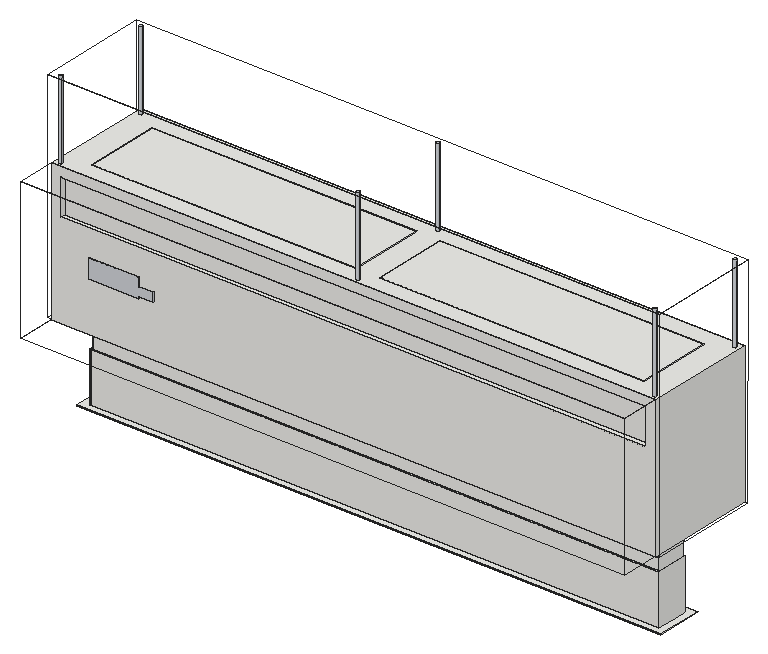
Revit family "AIRTECNICS_AIR CURTAIN_INVISAIR_AIR ONLY (A)", category Mechanical Equipment, Revit 2016
Family settings
  Part Type = Normal
  Round Connector Dimension = Use Diameter
  OmniClass Number = 23.75.70.21.17
  OmniClass Title = Air Curtains
  Work Plane-Based = No
  Always vertical = Yes
  Cut with Voids When Loaded = No
  Shared = No
  Room Calculation Point = No
Parameters (values of type "IECG 1500 A")
  · POSITION · [instance] = "-/ Select Curtain Position /-"  # constant formula
  · OTHERS · [instance] = "-/ Select Supports - Inst.Maint. Space /-"  # constant formula
  · KITS CONFIGURATION · [instance] = "-/ Configure Length Kit /-"  # constant formula
  · HEATING · [instance] = "-/ Select Heating /-"  # constant formula
  Weight [instance] = size_lookup(Name_Lookup_Data, "Weight", 1.00 kg, CT, CM)  # 60.00 kg
  WAn [instance] = if(Vertical Left, 180.00°, if(Vertical Right, 0.00°, 90.00°))  # 90.00°
  Voltage [instance] = 230 V  # constant formula
  Vertical Right [instance] = no
  Vertical Left [instance] = no
  URL_Manufacturer = "https://www.airtecnics.com/"
  URL_Datasheet = "https://www.airtecnics.com/download/file/1936/invisair.pdf"
  Supports Length [instance] = 200.0 mm
  Supports (Horizontal) [instance] = yes
  Special Installation [instance] = no
  Revit Version = "Revit 2016 - English"  # constant formula
  Review Date = "11/2018"  # constant formula
  Remote Control = "IR-AIR"  # constant formula
  URL = "https://www.airtecnics.com/products/air-curtain-invisair"
  Product Size = if(L = 1500.0 mm, "1500", if(L = 2000.0 mm, "2000", "2500"))  # "1500"
  Product Reference [instance] = size_lookup(Name_Lookup_Ref, "", "Consult Manufacturer", CT, CM)  # "IECG 1500 A"
  Product Heating [instance] = "Air"  # constant formula
  Product Description [instance] = size_lookup(Name_Lookup_Data, "", "Consult Manufacturer", CT, CM)  # "Specially designed for applications where the body of the air curtain is to be installed inside a column or bulkhead for architectural reasons. It can be vertically or horizontally mounted.\r\nSelf-supporting casing construction made of galvanized steel plate, finished in structural epoxy-polyester painting white colour RAL9016 as standard. Other colours or stainless steel are available on request. \r\nThe air flow of Invisair follows a straight line from the air inlet grille to the to the discharge. Inlet area inside a bulkhead or column should be designed with suitable grille provided by others.\r\nAnodized aluminium outlet vanes, airfoil shaped, adjustable from 0 to 15º each side.\r\nDouble-inlet centrifugal fans driven by an external rotor motor and low noise level. 5-speed selector. EC models assembled with very low consumption efficiency fans. \r\n“A” type without heating, air only. \r\nIncludes Plug&Play control with 7m RJ45 cable and infrared remote control. Optional: Clever control (programmable, automatic, intelligent, energy saving, Modbus RTU for BMS…)\r\nAir Volume: 3600 m3/h \r\nFans:  0,284 kW  2,48 A 230Vx1 50/60Hz\r\nDimensions: 285x570/620x1550 mm (depth, height, length), including telescopic outlet for easy installation."
  Power Fans Factor [instance] = if(or(CM = 2, CM = 8), 0.98, 0.5)  # 0.5
  Power Fans [instance] = size_lookup(Name_Lookup_Data, "Power Fans", 1 kW, CT, CM)  # 0.284 kW
  Outlet Kit Length [instance] = 210.0 mm
  Noise Level (dB(A)) [instance] = size_lookup(Name_Lookup_Data, "Noise Level (dB(A))", 1, CT, CM)  # 62
  Name_Lookup_Ref = "INVISAIR_(A)_Ref_Lookup"  # constant formula
  Name_Lookup_Data = "INVISAIR_(A)_Data_Lookup"  # constant formula
  Model = "Air Curtain Invisair A"  # constant formula
  Material Grille = AIRTECNICS_Perforated_Invisair_White RAL 9016
  Material Curtain [instance] = AIRTECNICS_White RAL 9016
  M = no
  Li1 [instance] = if(Horizontal, 0.0 mm, if(L = 1500.0 mm, L / 2 + 65.0 mm, L / 2 + 67.5 mm))  # 0.0 mm
  Length = if(L > 1500.0 mm, L + 55.0 mm, L + 50.0 mm)  # 1550.0 mm
  Kits Range [instance] = "Min 210 mm / Max. 260 mm"  # constant formula
  Height [instance] = 570.0 mm + Outlet Kit Length - 210.0 mm + Depth - Depth  # 570.0 mm
  G = yes
  Frequency = 50 Hz  # constant formula
  Fans Stage = 5  # constant formula
  Family Version = "1.0"  # constant formula
  EC = yes
  Depth = 285.0 mm  # constant formula
  Current Fans [instance] = size_lookup(Name_Lookup_Data, "Current Fans", 1 A, CT, CM)  # 2.48 A
  Created by = "BIMETRICAL"  # constant formula
  Control [instance] = "CA-5AW-IR"  # constant formula
  Cable = "CB7"  # constant formula
  CT [instance] = if(L = 1500.0 mm, 4, 0) + if(L = 2000.0 mm, 8, 0) + if(L = 2500.0 mm, 16, 0)  # 4
  CM [instance] = if(M, 2, 0) + if(EC, 4, 0) + if(G, 8, 0)  # 12
  Aspiration/Maintenance Space [instance] = yes
  Apparent Load [instance] = size_lookup(Name_Lookup_Data, "Apparent Load", 1 VA, CT, CM)  # 568 VA
  Airflow [instance] = size_lookup(Name_Lookup_Data, "Airflow", 1 m³/h, CT, CM)  # 3600 m³/h
  L = 1500.0 mm
  Type Image = <None>
  IfcExportType = "CENTRIFUGALFORWARDCURVED"  # constant formula
  IfcExportAs = "IfcCoilType"  # constant formula
  Horizontal [instance] = if(or(Vertical Left, Vertical Right), 1 = 0, 1 = 1)  # yes
  Manufacturer = "AIRTECNICS"  # constant formula
  Description = ""
  Type Comments = "Specially designed for applications where the body of the air curtain is to be installed inside a column or bulkhead for architectural reasons. It can be vertically or horizontally mounted.\r\nSelf-supporting casing construction made of galvanized steel plate, finished in structural epoxy-polyester painting white colour RAL9016 as standard. Other colours or stainless steel are available on request.\r\nThe air flow of Invisair follows a straight line from the air inlet grille to the to the discharge. Inlet area inside a bulkhead or column should be designed with suitable grille provided by others.\r\nAnodized aluminium outlet vanes, airfoil shaped, adjustable from 0 to 15º each side.\r\nDouble-inlet centrifugal fans driven by an external rotor motor and low noise level. 5-speed selector. EC models assembled with very low consumption efficiency fans.\r\n“P” type with water heated coil. “E” type with electrical shielded elements, three stages with integrated regulation. “A” type without heating, air only. Optional expansion DX coil.\r\nIncludes Plug&Play control with 7m RJ45 cable and infrared remote control. Optional: Clever control (programmable, automatic, intelligent, energy saving, Modbus RTU for BMS…)"  # constant formula
  BIMETRICAL Category = "Coil"  # constant formula
  BIMETRICAL = "http://www.bimetrical.com"  # constant formula
  A [instance] = 1 = 1  # yes
Types (9, lengths in mm): name | Weight | Product Size | Product Reference | Product Description | Power Fans Factor | Power Fans | Noise Level (dB(A)) | M | Length | G | EC | Current Fans | CT | CM | Apparent Load | Airflow | L
  IECG 2500 A | 83.00 kg | "2500" | "IECG 2500 A" | "Specially designed for applications where the body of the air curtain is to be installed inside a column or bulkhead for architectural reasons. It can be vertically or horizontally mounted.\r\nSelf-supporting casing construction made of galvanized steel plate, finished in structural epoxy-polyester painting white colour RAL9016 as standard. Other colours or stainless steel are available on request. \r\nThe air flow of Invisair follows a straight line from the air inlet grille to the to the discharge. Inlet area inside a bulkhead or column should be designed with suitable grille provided by others.\r\nAnodized aluminium outlet vanes, airfoil shaped, adjustable from 0 to 15º each side.\r\nDouble-inlet centrifugal fans driven by an external rotor motor and low noise level. 5-speed selector. EC models assembled with very low consumption efficiency fans. \r\n“A” type without heating, air only. \r\nIncludes Plug&Play control with 7m RJ45 cable and infrared remote control. Optional: Clever control (programmable, automatic, intelligent, energy saving, Modbus RTU for BMS…)\r\nAir Volume: 6300 m3/h \r\nFans:  0,497 kW  4,34 A 230Vx1 50/60Hz\r\nDimensions: 285x570/620x2555 mm (depth, height, length), including telescopic outlet for easy installation." | 0.5 | 0.497 kW | 64 | no | 2555.0 | yes | yes | 4.34 A | 16 | 12 | 994 VA | 6300 m³/h | 2500.0
  IECG 2000 A | 78.00 kg | "2000" | "IECG 2000 A" | "Specially designed for applications where the body of the air curtain is to be installed inside a column or bulkhead for architectural reasons. It can be vertically or horizontally mounted.\r\nSelf-supporting casing construction made of galvanized steel plate, finished in structural epoxy-polyester painting white colour RAL9016 as standard. Other colours or stainless steel are available on request. \r\nThe air flow of Invisair follows a straight line from the air inlet grille to the to the discharge. Inlet area inside a bulkhead or column should be designed with suitable grille provided by others.\r\nAnodized aluminium outlet vanes, airfoil shaped, adjustable from 0 to 15º each side.\r\nDouble-inlet centrifugal fans driven by an external rotor motor and low noise level. 5-speed selector. EC models assembled with very low consumption efficiency fans. \r\n“A” type without heating, air only. \r\nIncludes Plug&Play control with 7m RJ45 cable and infrared remote control. Optional: Clever control (programmable, automatic, intelligent, energy saving, Modbus RTU for BMS…)\r\nAir Volume: 5400 m3/h \r\nFans:  0,426 kW  3,72 A 230Vx1 50/60Hz\r\nDimensions: 285x570/620x2055 mm (depth, height, length), including telescopic outlet for easy installation." | 0.5 | 0.426 kW | 63 | no | 2055.0 | yes | yes | 3.72 A | 8 | 12 | 852 VA | 5400 m³/h | 2000.0
  IECG 1500 A | 60.00 kg | "1500" | "IECG 1500 A" | "Specially designed for applications where the body of the air curtain is to be installed inside a column or bulkhead for architectural reasons. It can be vertically or horizontally mounted.\r\nSelf-supporting casing construction made of galvanized steel plate, finished in structural epoxy-polyester painting white colour RAL9016 as standard. Other colours or stainless steel are available on request. \r\nThe air flow of Invisair follows a straight line from the air inlet grille to the to the discharge. Inlet area inside a bulkhead or column should be designed with suitable grille provided by others.\r\nAnodized aluminium outlet vanes, airfoil shaped, adjustable from 0 to 15º each side.\r\nDouble-inlet centrifugal fans driven by an external rotor motor and low noise level. 5-speed selector. EC models assembled with very low consumption efficiency fans. \r\n“A” type without heating, air only. \r\nIncludes Plug&Play control with 7m RJ45 cable and infrared remote control. Optional: Clever control (programmable, automatic, intelligent, energy saving, Modbus RTU for BMS…)\r\nAir Volume: 3600 m3/h \r\nFans:  0,284 kW  2,48 A 230Vx1 50/60Hz\r\nDimensions: 285x570/620x1550 mm (depth, height, length), including telescopic outlet for easy installation." | 0.5 | 0.284 kW | 62 | no | 1550.0 | yes | yes | 2.48 A | 4 | 12 | 568 VA | 3600 m³/h | 1500.0
  IG 2500 A | 83.00 kg | "2500" | "IG 2500 A" | "Specially designed for applications where the body of the air curtain is to be installed inside a column or bulkhead for architectural reasons. It can be vertically or horizontally mounted.\r\nSelf-supporting casing construction made of galvanized steel plate, finished in structural epoxy-polyester painting white colour RAL9016 as standard. Other colours or stainless steel are available on request. \r\nThe air flow of Invisair follows a straight line from the air inlet grille to the to the discharge. Inlet area inside a bulkhead or column should be designed with suitable grille provided by others.\r\nAnodized aluminium outlet vanes, airfoil shaped, adjustable from 0 to 15º each side.\r\nDouble-inlet centrifugal fans driven by an external rotor motor and low noise level. 5-speed selector. \r\n“A” type without heating, air only. \r\nIncludes Plug&Play control with 7m RJ45 cable and infrared remote control. Optional: Clever control (programmable, automatic, intelligent, energy saving, Modbus RTU for BMS…)\r\nAir Volume: 5600 m3/h \r\nFans:  1,498 kW  6,65 A 230Vx1 50Hz\r\nDimensions: 285x570/620x2555 mm (depth, height, length), including telescopic outlet for easy installation." | 0.98 | 1.498 kW | 60 | no | 2555.0 | yes | no | 6.65 A | 16 | 8 | 1529 VA | 5600 m³/h | 2500.0
  IG 2000 A | 78.00 kg | "2000" | "IG 2000 A" | "Specially designed for applications where the body of the air curtain is to be installed inside a column or bulkhead for architectural reasons. It can be vertically or horizontally mounted.\r\nSelf-supporting casing construction made of galvanized steel plate, finished in structural epoxy-polyester painting white colour RAL9016 as standard. Other colours or stainless steel are available on request. \r\nThe air flow of Invisair follows a straight line from the air inlet grille to the to the discharge. Inlet area inside a bulkhead or column should be designed with suitable grille provided by others.\r\nAnodized aluminium outlet vanes, airfoil shaped, adjustable from 0 to 15º each side.\r\nDouble-inlet centrifugal fans driven by an external rotor motor and low noise level. 5-speed selector. \r\n“A” type without heating, air only. \r\nIncludes Plug&Play control with 7m RJ45 cable and infrared remote control. Optional: Clever control (programmable, automatic, intelligent, energy saving, Modbus RTU for BMS…)\r\nAir Volume: 4800 m3/h \r\nFans:  1,284 kW  5,7 A 230Vx1 50Hz\r\nDimensions: 285x570/620x2055 mm (depth, height, length), including telescopic outlet for easy installation." | 0.98 | 1.284 kW | 59 | no | 2055.0 | yes | no | 5.7 A | 8 | 8 | 1310 VA | 4800 m³/h | 2000.0
  IG 1500 A | 60.00 kg | "1500" | "IG 1500 A" | "Specially designed for applications where the body of the air curtain is to be installed inside a column or bulkhead for architectural reasons. It can be vertically or horizontally mounted.\r\nSelf-supporting casing construction made of galvanized steel plate, finished in structural epoxy-polyester painting white colour RAL9016 as standard. Other colours or stainless steel are available on request. \r\nThe air flow of Invisair follows a straight line from the air inlet grille to the to the discharge. Inlet area inside a bulkhead or column should be designed with suitable grille provided by others.\r\nAnodized aluminium outlet vanes, airfoil shaped, adjustable from 0 to 15º each side.\r\nDouble-inlet centrifugal fans driven by an external rotor motor and low noise level. 5-speed selector. \r\n“A” type without heating, air only. \r\nIncludes Plug&Play control with 7m RJ45 cable and infrared remote control. Optional: Clever control (programmable, automatic, intelligent, energy saving, Modbus RTU for BMS…)\r\nAir Volume: 3200 m3/h \r\nFans:  0,856 kW  3,8 A 230Vx1 50Hz\r\nDimensions: 285x570/620x1550 mm (depth, height, length), including telescopic outlet for easy installation." | 0.98 | 0.856 kW | 58 | no | 1550.0 | yes | no | 3.8 A | 4 | 8 | 873 VA | 3200 m³/h | 1500.0
  IM 2500 A | 73.00 kg | "2500" | "IM 2500 A" | "Specially designed for applications where the body of the air curtain is to be installed inside a column or bulkhead for architectural reasons. It can be vertically or horizontally mounted.\r\nSelf-supporting casing construction made of galvanized steel plate, finished in structural epoxy-polyester painting white colour RAL9016 as standard. Other colours or stainless steel are available on request. \r\nThe air flow of Invisair follows a straight line from the air inlet grille to the to the discharge. Inlet area inside a bulkhead or column should be designed with suitable grille provided by others.\r\nAnodized aluminium outlet vanes, airfoil shaped, adjustable from 0 to 15º each side.\r\nDouble-inlet centrifugal fans driven by an external rotor motor and low noise level. 5-speed selector. \r\n“A” type without heating, air only. \r\nIncludes Plug&Play control with 7m RJ45 cable and infrared remote control. Optional: Clever control (programmable, automatic, intelligent, energy saving, Modbus RTU for BMS…)\r\nAir Volume: 4620 m3/h \r\nFans:  0,742 kW  3,29 A 230Vx1 50Hz\r\nDimensions: 285x570/620x2555 mm (depth, height, length), including telescopic outlet for easy installation." | 0.98 | 0.742 kW | 58 | yes | 2555.0 | no | no | 3.29 A | 16 | 2 | 757 VA | 4620 m³/h | 2500.0
  IM 2000 A | 68.00 kg | "2000" | "IM 2000 A" | "Specially designed for applications where the body of the air curtain is to be installed inside a column or bulkhead for architectural reasons. It can be vertically or horizontally mounted.\r\nSelf-supporting casing construction made of galvanized steel plate, finished in structural epoxy-polyester painting white colour RAL9016 as standard. Other colours or stainless steel are available on request. \r\nThe air flow of Invisair follows a straight line from the air inlet grille to the to the discharge. Inlet area inside a bulkhead or column should be designed with suitable grille provided by others.\r\nAnodized aluminium outlet vanes, airfoil shaped, adjustable from 0 to 15º each side.\r\nDouble-inlet centrifugal fans driven by an external rotor motor and low noise level. 5-speed selector. \r\n“A” type without heating, air only. \r\nIncludes Plug&Play control with 7m RJ45 cable and infrared remote control. Optional: Clever control (programmable, automatic, intelligent, energy saving, Modbus RTU for BMS…)\r\nAir Volume: 3960 m3/h \r\nFans:  0,636 kW  2,82 A 230Vx1 50Hz\r\nDimensions: 285x570/620x2055 mm (depth, height, length), including telescopic outlet for easy installation." | 0.98 | 0.636 kW | 57 | yes | 2055.0 | no | no | 2.82 A | 8 | 2 | 649 VA | 3960 m³/h | 2000.0
  IM 1500 A | 55.00 kg | "1500" | "IM 1500 A" | "Specially designed for applications where the body of the air curtain is to be installed inside a column or bulkhead for architectural reasons. It can be vertically or horizontally mounted.\r\nSelf-supporting casing construction made of galvanized steel plate, finished in structural epoxy-polyester painting white colour RAL9016 as standard. Other colours or stainless steel are available on request. \r\nThe air flow of Invisair follows a straight line from the air inlet grille to the to the discharge. Inlet area inside a bulkhead or column should be designed with suitable grille provided by others.\r\nAnodized aluminium outlet vanes, airfoil shaped, adjustable from 0 to 15º each side.\r\nDouble-inlet centrifugal fans driven by an external rotor motor and low noise level. 5-speed selector. \r\n“A” type without heating, air only. \r\nIncludes Plug&Play control with 7m RJ45 cable and infrared remote control. Optional: Clever control (programmable, automatic, intelligent, energy saving, Modbus RTU for BMS…)\r\nAir Volume: 2640 m3/h \r\nFans:  0,424 kW  1,88 A 230Vx1 50Hz\r\nDimensions: 285x570/620x1550 mm (depth, height, length), including telescopic outlet for easy installation." | 0.98 | 0.424 kW | 56 | yes | 1550.0 | no | no | 1.88 A | 4 | 2 | 432 VA | 2640 m³/h | 1500.0
Reference planes
  plane 1 "Centro (Frontal/Posterior)": z = 0
  plane 2: y = 246.57
  plane 3 "Centro (Izquierda/Derecha)": x = 0
  plane 4 "Susp": z = 0
Lines and regions (mm)
  reference lines
    curve 1: line (0, 246.57, 0) -> (0, 246.57, -145)
Dimensions and locks
  "Li1": plane 4 "Susp" to plane 1 "Centro (Frontal/Posterior)"
  nested 1 to nested 1 = 570.0 mm
  nested 1 to nested 1 = 1550.0 mm
  "WAn": angle plane 4 "Susp" to curve 1
  aligned and locked: plane 3 "Centro (Izquierda/Derecha)" to curve 1
  aligned and locked: plane 4 "Susp" to curve 1
Nested families
  nested 1: "GEOM_INVISAIR_(A-E-P)" at (0, 246.57, 0), Outlet Kit Lenght <- "Outlet Kit Length", Horizontal <- "Horizontal", Vertical Left <- "Vertical Left", Vertical Right <- "Vertical Right", SPCI <- "Special Installation", Supports (Horizontal) <- "Supports (Horizontal)", type "GEOM_INVISAIR_(A-E-P)"
    with Vertical Right no, Vertical Left no, VSUP yes, VPE no, VPD no, Supports (Horizontal) yes, STNI yes, SPCI no, P4 no, P3 no, P2 yes, P1 no, Outlet Kit Lenght 210.0 mm, OKL 210.0 mm, L5 0.0 mm, L4 15.0 mm, L3 10.0 mm, L2 10.0 mm, L1 176.22 mm, Horizontal yes, C_P 2, C_L 2, CH_4 235.0 mm, CH_3 37.0 mm, CH_2 139.0 mm, CH_1 275.86 mm, CC_4 50.0 mm, CC_3 221.89 mm, CC_2 106.0 mm, CC_1 313.83 mm, AH 90.00°, AC 90.00°, L* 1550.0 mm, L 1500.0 mm, Aspiration/Maintenance Space yes
Connectors
  electrical at (-572.625, 103.07, 148.65), driven by "Voltage", driven by "Apparent Load", driven by "Power Fans Factor"
    settings: on nested 1, index 1, voltage 230 V, apparent load 568 VA, apparent load phase1 0 VA, apparent load phase2 0 VA, apparent load phase3 0 VA, power factor 0.5, load classification "HVAC", number of poles 1, system type 30, power factor state 1, is connector primary yes, connector utility no, sub classification motor no, connector description ""
Definition of nested family "GEOM_INVISAIR_(A-E-P)"
  Parameters (values of type "GEOM_INVISAIR_(A-E-P)")
    Vertical Right [instance] = no
    Vertical Left [instance] = no
    VSUP [instance] = if(and(Horizontal, [Supports (Horizontal)]), 1 = 1, 1 = 0)  # yes
    VPE [instance] = Vertical Left  # no
    VPD [instance] = Vertical Right  # no
    Supports Length = 200.0 mm
    Supports (Horizontal) [instance] = yes
    STNI [instance] = not(SPCI)  # yes
    SPCI [instance] = no
    Revit Version = "Revit 2016 - English"  # constant formula
    Review Date = "11/2018"  # constant formula
    P4 [instance] = no
    P3 [instance] = no
    P2 [instance] = not(or(P1, P3, P4))  # yes
    P1 [instance] = no
    P = no
    Outlet Kit Lenght [instance] = 250.0 mm
    OKL [instance] = if(Outlet Kit Lenght > 260.0 mm, 260.0 mm, if(Outlet Kit Lenght < 210.0 mm, 210.0 mm, Outlet Kit Lenght))  # 250.0 mm
    Name_CH = "CH_Dimensions_Lookup"  # constant formula
    Name_CC = "CC_Dimensions_Lookup"  # constant formula
    Model = "INVISAIR"  # constant formula
    Material Grille = none
    Material Curtain = none
    L* = if(L < 2000.0 mm, L + 50.0 mm, L + 55.0 mm)  # 2555.0 mm
    Manufacturer = "AIRTECNICS"  # constant formula
    L_sup = if(Supports Length = 0.0 mm, 1.0 mm, Supports Length)  # 200.0 mm
    L6 = 0.0 mm  # constant formula
    L5 [instance] = 15.0 mm
    L4 [instance] = if(or(and(P4, Vertical Right), and(P1, Vertical Left)), 55.0 mm, 15.0 mm)  # 15.0 mm
    L3 [instance] = if(and(P, P4), 100.0 mm, 10.0 mm)  # 10.0 mm
    L2 [instance] = if(and(P, P1), 100.0 mm, 10.0 mm)  # 10.0 mm
    L1 [instance] = if(STNI, 176.22 mm, 108.78 mm)  # 176.22 mm
    L = 2500.0 mm
    Horizontal [instance] = yes
    Family Version = "1.0"  # constant formula
    Default Elevation = 1219.2 mm
    D_P = 20.00 mm
    Created by = "BIMETRICAL"  # constant formula
    C_P [instance] = if(P1, 1, 0) + if(P2, 2, 0) + if(P3, 4, 0) + if(P4, 8, 0)  # 2
    C_L [instance] = if(L = 1500.0 mm, 2, 0) + if(L = 2000.0 mm, 4, 0) + if(L = 2500.0 mm, 8, 0)  # 8
    CH_4 [instance] = size_lookup(Name_CH, "CH_4", 235.0 mm, C_L, C_P)  # 235.0 mm
    CH_3 [instance] = size_lookup(Name_CH, "CH_3", 37.0 mm, C_L, C_P)  # 37.0 mm
    CH_2 [instance] = size_lookup(Name_CH, "CH_2", 139.0 mm, C_L, C_P)  # 139.0 mm
    CH_1 [instance] = size_lookup(Name_CH, "CH_1", 275.86 mm, C_L, C_P)  # 275.86 mm
    CC_4 [instance] = size_lookup(Name_CC, "CC_4", 50.0 mm, C_L, C_P)  # 50.0 mm
    CC_3 [instance] = size_lookup(Name_CC, "CC_3", 221.89 mm, C_L, C_P)  # 221.89 mm
    CC_2 [instance] = size_lookup(Name_CC, "CC_2", 106.0 mm, C_L, C_P)  # 106.0 mm
    CC_1 [instance] = size_lookup(Name_CC, "CC_1", 313.86 mm, C_L, C_P)  # 313.83 mm
    BIMETRICAL = "http://www.bimetrical.com/"  # constant formula
    Aspiration/Maintenance Space = no
    AH [instance] = size_lookup(Name_CH, "AH", 90.00°, C_L, C_P)  # 90.00°
    AC [instance] = size_lookup(Name_CC, "AC", 90.00°, C_L, C_P)  # 90.00°
  Reference planes
    plane 1 "Centro (Frontal/Posterior)": y = 0
    plane 2: z = 0
    plane 3 "Centro (Izquierda/Derecha)": x = 0
    plane 4: y = 142.5
    plane 5: y = -142.5
    plane 6: x = -1277.5
    plane 7: x = 1277.5
    plane 8: z = 360
    plane 9: x = -1253.5
    plane 10: x = 1253.5
    plane 11: z = 337
    plane 12: x = -1210.5
    plane 13: x = 1210.5
    plane 14: x = 30
    plane 15: x = -30
    plane 16: y = -96.75
    plane 17: y = 96.75
    plane 18: z = 313.83
    plane 19: z = 275.86
    plane 20: x = -1171.5
    plane 21: x = -1138.5
    plane 22: y = 92.5
    plane 23: y = -92.5
    plane 24: x = -1265
    plane 25: x = 1265
    plane 26: y = 128.5
    plane 27: y = -128.5
  Forms (mm)
    Extrusion 1, solid, material <- "Material Curtain"
      sketch origin (-1376.546, -1524, 270) x (-1, 0, 0) y (0, -1, 0)
        loop
          line (-99.046, -1666.5) -> (-99.046, -1381.5) -> (-2654.046, -1381.5) -> (-2654.046, -1666.5) -> (-99.046, -1666.5)
      from -270 to 90
    Extrusion 2, void
      sketch origin (-1776.211, -142.5, 1200) x (1, 0, 0) y (0, 0, -1)
        loop
          line (522.711, 863) -> (3029.711, 863) -> (3029.711, 956) -> (522.711, 956) -> (522.711, 863)
      from 13 to 0
    Extrusion 3, void
      sketch origin (-1504.338, -1524, 360) x (-1, 0, 0) y (0, -1, 0)
        loop
          line (-293.838, -1620.75) -> (-293.838, -1427.25) -> (-1474.338, -1427.25) -> (-1474.338, -1620.75) -> (-293.838, -1620.75)
        loop
          line (-1534.338, -1620.75) -> (-1534.338, -1427.25) -> (-2714.838, -1427.25) -> (-2714.838, -1620.75) -> (-1534.338, -1620.75)
      from 0 to -13
    Extrusion 4, solid, material <- "Material Grille"
      sketch origin (-1504.338, -1524, 360) x (-1, 0, 0) y (0, -1, 0)
        loop
          line (-293.838, -1620.75) -> (-293.838, -1427.25) -> (-1474.338, -1427.25) -> (-1474.338, -1620.75) -> (-293.838, -1620.75)
        loop
          line (-1534.338, -1620.75) -> (-1534.338, -1427.25) -> (-2714.838, -1427.25) -> (-2714.838, -1620.75) -> (-1534.338, -1620.75)
      from 0 to -2
    Extrusion 5, solid
      sketch origin (-1776.211, -142.5, 1200) x (-1, 0, 0) y (0, 0, -1)
        loop
          line (-723.624, 1071.5) -> (-723.798, 1067.5) -> (-760.711, 1067.5) -> (-760.711, 1044.2) -> (-723.711, 1044.2) -> (-723.711, 1022.2) -> (-596.211, 1022.2) -> (-596.211, 1071.5) -> (-723.624, 1071.5)
      from 0 to 1
    Extrusion 6, solid, visible <- "P"
      sketch origin (-1171.5, -129.39, 313.83) x (0, 0, 1) y (-1, 0, 0)
        loop
          circle (0.059, 0) r 10
      from 0 to 15 <- "L4"
    Extrusion 7, solid, visible <- "P"
      sketch origin (-1138.5, -129.5, 276.858) x (0, 0, 1) y (-1, 0, 0)
        loop
          circle (-0.998, 0) r 10
      from 0 to 15 <- "L4"
    Extrusion 8, solid, visible <- "Aspiration/Maintenance Space"
      sketch origin (-1776.211, -142.5, 1200) x (-1, 0, 0) y (0, 0, -1)
        loop
          line (-498.711, 1200) -> (-498.711, 840) -> (-3053.711, 840) -> (-3053.711, 1200) -> (-3063.711, 1200) -> (-3063.711, 640) -> (-488.711, 640) -> (-488.711, 1200) -> (-498.711, 1200)
      from 0 to -285
    Extrusion 9, solid, visible <- "Aspiration/Maintenance Space"
      sketch origin (-1776.211, -142.5, 1200) x (-1, 0, 0) y (0, 0, -1)
        loop
          line (-498.711, 840) -> (-498.711, 1200) -> (-3053.711, 1200) -> (-3053.711, 840) -> (-498.711, 840)
      from 0 to 100
    Extrusion 10, solid, visible <- "VSUP"
      sketch origin (-1504.338, -1524, 360) x (-1, 0, 0) y (0, -1, 0)
        loop
          circle (-239.338, -1652.5) r 4
        loop
          circle (-239.338, -1395.5) r 4
        loop
          circle (-1504.338, -1395.5) r 4
        loop
          circle (-1504.338, -1652.5) r 4
        loop
          circle (-2769.338, -1652.5) r 4
        loop
          circle (-2769.338, -1395.5) r 4
      from -1 to 200
    Extrusion 11, solid, visible <- "VPE"
      sketch origin (-1277.5, 218.751, 1200) x (0, 1, 0) y (0, 0, 1)
        loop
          line (-91.751, -858.5) -> (-345.751, -858.5) -> (-345.751, -1181.5) -> (-91.751, -1181.5) -> (-91.751, -858.5)
      from 0 to -40
    Extrusion 12, solid, visible <- "VPD"
      sketch origin (1277.5, 236.157, 1200) x (0, 1, 0) y (0, 0, -1)
        loop
          line (-109.157, 858.5) -> (-109.157, 1181.5) -> (-363.157, 1181.5) -> (-363.157, 858.5) -> (-109.157, 858.5)
      from 0 to -40
  Cuts and joins
    Extrusion 2, Extrusion 3 cuts Extrusion 1
  Lines and regions (mm)
    reference lines
      curve 1: line (-1171.5, 92.5, 313.83) -> (-1171.5, -129.39, 313.83)
      curve 2: line (-1138.5, -92.5, 275.86) -> (-1138.5, -129.5, 275.86)
    symbolic lines
      curve 3: line (-1277.5, 142.5, 275.86) -> (1277.5, 142.5, 275.86)
      curve 4: line (-1277.5, -142.5, 275.86) -> (-1277.5, 142.5, 275.86)
      curve 5: line (1277.5, -142.5, 275.86) -> (-1277.5, -142.5, 275.86)
      curve 6: line (1277.5, 142.5, 275.86) -> (1277.5, -142.5, 275.86)
      curve 7: line (-1223.5, -15.69, 275.86) -> (1223.5, -15.69, 275.86)
      curve 8: line (-1223.5, -23.386, 275.86) -> (-1223.5, -15.69, 275.86)
      curve 9: line (1223.5, -23.386, 275.86) -> (-1223.5, -23.386, 275.86)
      curve 10: line (1223.5, -15.69, 275.86) -> (1223.5, -23.386, 275.86)
      curve 11: line (1223.5, -44.054, 275.86) -> (-1223.5, -44.054, 275.86)
      curve 12: line (1223.5, -51.746, 275.86) -> (1223.5, -44.054, 275.86)
      curve 13: line (-1223.5, -51.746, 275.86) -> (1223.5, -51.746, 275.86)
      curve 14: line (-1223.5, -44.054, 275.86) -> (-1223.5, -51.746, 275.86)
    symbolic lines, visible <- "Aspiration/Maintenance Space"
      curve 15: line (-1277.5, 142.5, 275.86) -> (-1287.5, 142.5, 275.86)
      curve 16: line (-1287.5, 142.5, 275.86) -> (-1287.5, -142.5, 275.86)
      curve 17: line (-1287.5, -142.5, 275.86) -> (-1277.5, -142.5, 275.86)
      curve 18: line (1277.5, 142.5, 275.86) -> (1287.5, 142.5, 275.86)
      curve 19: line (1287.5, 142.5, 275.86) -> (1287.5, -142.5, 275.86)
      curve 20: line (1287.5, -142.5, 275.86) -> (1277.5, -142.5, 275.86)
      curve 21: line (-1277.5, -142.5, 275.86) -> (-1277.5, -242.5, 275.86)
      curve 22: line (-1277.5, -242.5, 275.86) -> (1277.5, -242.5, 275.86)
      curve 23: line (1277.5, -242.5, 275.86) -> (1277.5, -142.5, 275.86)
      curve 24: line (-1277.5, -142.5, 0) -> (-1287.5, -142.5, 0)
      curve 25: line (-1287.5, -142.5, 0) -> (-1287.5, -142.5, 560)
      curve 26: line (-1287.5, -142.5, 560) -> (1287.5, -142.5, 560)
      curve 27: line (1287.5, -142.5, 560) -> (1287.5, -142.5, 0)
      curve 28: line (1287.5, -142.5, 0) -> (1277.5, -142.5, 0)
      curve 29: line (-1277.5, 142.5, 360) -> (-1277.5, 142.5, 560)
      curve 30: line (-1277.5, 142.5, 560) -> (-1277.5, -142.5, 560)
      curve 31: line (-1277.5, -142.5, 560) -> (-1277.5, -142.5, 360)
      curve 32: line (-1277.5, -142.5, 360) -> (-1277.5, -242.5, 360)
      curve 33: line (-1277.5, -242.5, 360) -> (-1277.5, -242.5, 0)
      curve 34: line (-1277.5, -242.5, 0) -> (-1277.5, -142.5, 0)
  Dimensions and locks
    equal spacing: plane 5, plane 1 "Centro (Frontal/Posterior)", plane 4
    locked: plane 5 to plane 4 at 285
    equal spacing: plane 6, plane 3 "Centro (Izquierda/Derecha)", plane 7
    "L*": plane 6 to plane 7
    locked: plane 8 to plane 2 at 360
    locked: plane 9 to plane 6 at 24
    locked: plane 10 to plane 7 at 24
    locked: plane 8 to plane 11 at 23
    locked: plane 6 to plane 12 at 67
    locked: plane 13 to plane 7 at 67
    plane 3 "Centro (Izquierda/Derecha)" to plane 14 = 30.0 mm
    plane 3 "Centro (Izquierda/Derecha)" to plane 15 = 30.0 mm
    locked: plane 16 to plane 5 at 45.75
    locked: plane 17 to plane 4 at 45.75
    locked: plane 11 to Extrusion 2 sketch curve at 93
    "CC_1": plane 18 to level
    "CH_1": plane 19 to level
    "CC_2": plane 20 to plane 6
    "CH_2": plane 21 to plane 6
    "CC_4": plane 4 to plane 22
    "CH_4": plane 4 to plane 23
    "CC_3": curve 1 to curve 1
    "CH_3": curve 2 to curve 2
    locked: level to nested 1 at 0
    "L1": plane 4 to nested 1
    "L2": plane 6 to Extrusion 8 sketch curve
    "L3": plane 7 to Extrusion 8 sketch curve
    locked: plane 6 to plane 24 at 12.5
    locked: plane 25 to plane 7 at 12.5
    locked: plane 4 to plane 26 at 14
    locked: plane 5 to plane 27 at 14
    "Supports Length": Extrusion 10 to plane 8
    locked: Extrusion 11 sketch curve to Extrusion 11 sketch curve at 323
    locked: Extrusion 11 sketch curve to Extrusion 11 sketch curve at 254
    locked: plane 8 to Extrusion 11 sketch curve at 18.5
    locked: Extrusion 12 sketch curve to Extrusion 12 sketch curve at 323
    locked: Extrusion 12 sketch curve to Extrusion 12 sketch curve at 254
    Extrusion 5 sketch curve to Extrusion 5 sketch curve to Extrusion 5 sketch curve to plane 6 = 37.0 mm locked, 127.5 mm locked, 97.5 mm locked
    "D_P": diameter of Extrusion 6 sketch curve
    "D_P": diameter of Extrusion 7 sketch curve
    "AC": angle curve 1 to plane 22
    "AH": angle curve 2 to plane 23
    aligned and locked: level to plane 2
    aligned and locked: Extrusion 1 sketch curve to plane 4
    aligned and locked: plane 6 to Extrusion 1 sketch curve
    aligned and locked: Extrusion 1 sketch curve to plane 5
    aligned and locked: plane 7 to Extrusion 1 sketch curve
    aligned and locked: Extrusion 1 to level
    aligned and locked: plane 8 to Extrusion 1
    aligned and locked: plane 9 to Extrusion 2 sketch curve
    aligned and locked: plane 10 to Extrusion 2 sketch curve
    aligned and locked: plane 5 to cut or joined group of Extrusion 1, Extrusion 2, Extrusion 3
    aligned and locked: plane 17 to Extrusion 3 sketch curve  (x2)
    aligned and locked: plane 12 to Extrusion 3 sketch curve
    aligned and locked: plane 16 to Extrusion 3 sketch curve  (x2)
    aligned and locked: Extrusion 3 sketch curve to plane 15
    aligned and locked: Extrusion 3 sketch curve to plane 14
    aligned and locked: plane 13 to Extrusion 3 sketch curve
    aligned and locked: plane 12 to Extrusion 4 sketch curve
    aligned and locked: plane 17 to Extrusion 4 sketch curve
    aligned and locked: plane 13 to Extrusion 4 sketch curve
    aligned and locked: Extrusion 4 sketch curve to plane 14
    aligned and locked: Extrusion 4 sketch curve to plane 15
    aligned and locked: plane 22 to curve 1
    aligned and locked: plane 20 to curve 1
    aligned and locked: plane 23 to curve 2
    aligned and locked: plane 21 to curve 2
    aligned and locked: Extrusion 5 to plane 5
    aligned and locked: curve 3 to cut or joined group of Extrusion 1, Extrusion 2, Extrusion 3
    aligned and locked: curve 4 to cut or joined group of Extrusion 1, Extrusion 2, Extrusion 3
    aligned and locked: curve 5 to cut or joined group of Extrusion 1, Extrusion 2, Extrusion 3
    aligned and locked: curve 6 to cut or joined group of Extrusion 1, Extrusion 2, Extrusion 3
    aligned and locked: curve 8 to nested 1
    aligned and locked: curve 9 to nested 1
    aligned and locked: curve 10 to nested 1
    aligned and locked: curve 11 to nested 1
    aligned and locked: curve 12 to nested 1
    aligned and locked: curve 13 to nested 1
    aligned and locked: curve 14 to nested 1
    aligned and locked: Extrusion 9 sketch curve to cut or joined group of Extrusion 1, Extrusion 2, Extrusion 3  (x2)
    aligned and locked: Extrusion 9 sketch curve to nested 1
    aligned and locked: curve 16 to Extrusion 8
    aligned and locked: curve 19 to Extrusion 8
    aligned and locked: curve 22 to Extrusion 9
    aligned and locked: Extrusion 9 to plane 6
    aligned and locked: curve 27 to Extrusion 8
    aligned and locked: curve 25 to Extrusion 8
    aligned and locked: plane 24 to Extrusion 10 sketch curve
    aligned and locked: plane 26 to Extrusion 10 sketch curve  (x3)
    aligned and locked: plane 27 to Extrusion 10 sketch curve  (x3)
    aligned and locked: plane 3 "Centro (Izquierda/Derecha)" to Extrusion 10 sketch curve
  Automatic sketch dimensions
    Extrusion 2 sketch curve to plane 11 = 0.0 mm
    plane 17 to Extrusion 4 sketch curve = 0.0 mm
    Extrusion 4 sketch curve to plane 16 = 0.0 mm  (x2)
    Extrusion 5 sketch curve to Extrusion 5 sketch curve = 0.087 mm
    Extrusion 5 sketch curve to Extrusion 5 sketch curve = 0.175 mm
    Extrusion 5 sketch curve to level = 128.5 mm
    Extrusion 5 sketch curve to Extrusion 5 sketch curve = 4.0 mm
    Extrusion 5 sketch curve to Extrusion 5 sketch curve = 23.3 mm
    Extrusion 5 sketch curve to Extrusion 5 sketch curve = 49.3 mm
    curve 8 to curve 8 = 7.696 mm
    Extrusion 9 sketch curve to level = 0.0 mm
    curve 28 to level = 0.0 mm
    plane 7 to curve 28 = 0.0 mm
    curve 24 to plane 6 = 0.0 mm
    curve 25 to level = 0.0 mm
    curve 26 to plane 8 = 200.0 mm
    Extrusion 10 sketch curve to plane 25 = 0.0 mm  (x2)
    Extrusion 10 sketch curve to plane 3 "Centro (Izquierda/Derecha)" = 0.0 mm
    Extrusion 10 sketch curve to plane 24 = 0.0 mm
    Extrusion 11 sketch curve to plane 5 = 15.5 mm
    plane 5 to Extrusion 12 sketch curve = 15.5 mm
    Extrusion 12 sketch curve to level = 18.5 mm
    curve 32 to plane 8 = 0.0 mm
    curve 31 to plane 5 = 0.0 mm
    curve 34 to plane 5 = 0.0 mm
    curve 29 to plane 4 = 0.0 mm
    curve 29 to plane 8 = 0.0 mm
    curve 33 to curve 31 = 100.0 mm
    plane 8 to curve 30 = 200.0 mm
    level to curve 34 = 0.0 mm
    Extrusion 6 sketch curve to plane 20 = 0.0 mm
    plane 18 to Extrusion 6 sketch curve = 0.059 mm
    Extrusion 7 sketch curve to plane 19 = 0.0 mm
    Extrusion 7 sketch curve to plane 21 = 0.0 mm
    plane 7 to Extrusion 8 sketch curve = 0.0 mm
    Extrusion 8 sketch curve to level = 0.0 mm  (x2)
    Extrusion 8 sketch curve to plane 6 = 0.0 mm
    Extrusion 8 sketch curve to plane 8 = 0.0 mm
    Extrusion 8 sketch curve to plane 8 = 200.0 mm
    radius of Extrusion 10 sketch curve = 4.0 mm  (x6)
  Nested families
    nested 1: "GEOM_INVISAIR_OUTLET KIT" at (0, -280.29, -250), L <- "L", Outlet Kit Length <- "OKL", Material <- "Material Curtain", type "Outlet Kit"
      with Vi3 yes, Vi2 yes, Vi1 no, Outlet Kit Length 250.0 mm, Material none, L-45 2459.0 mm, L-39 2465.0 mm, L-2 2503.0 mm, L-16 2501.0 mm, L* 2555.0 mm, L 2500.0 mm
  Definition of nested family "GEOM_INVISAIR_OUTLET KIT"
    Parameters (values of type "Outlet Kit")
      Vi3 [instance] = yes
      Vi2 [instance] = if(L > 2200.0 mm, 1 = 1, 1 = 0)  # no
      Vi1 [instance] = if(L > 2200.0 mm, 1 = 0, 1 = 1)  # yes
      URL = "https://www.airtecnics.com/products/air-curtain-windbox-m-g"
      Revit Version = "Revit 2016 - English"  # constant formula
      Review Date = "10/18"  # constant formula
      Model = "Outlet Kit"  # constant formula
      Outlet Kit Length [instance] = 210.0 mm
      Material [instance] = none
      L-45 [instance] = [L*] - 96.0 mm  # 1454.0 mm
      L-39 [instance] = [L*] - 90.0 mm  # 1460.0 mm
      L-2 [instance] = [L*] - 52.0 mm  # 1498.0 mm
      L-16 [instance] = [L*] - 54.0 mm  # 1496.0 mm
      Type Image = (empty or 0)
      Manufacturer = "AIRTECNICS"  # constant formula
      Li1 = 1.0 mm
      L* [instance] = if(L < 2000.0 mm, L + 50.0 mm, L + 55.0 mm)  # 1550.0 mm
      L [instance] = 1500.0 mm
      Family Version = "1.0"  # constant formula
      Description = "AIRTECNICS_Air curtain Windbox M,G"  # constant formula
      Type Comments = ""
      Default Elevation = 1219.2 mm
      Created by = "BIMETRICAL"  # constant formula
      BIMETRICAL Category = "Fan"  # constant formula
      BIMETRICAL = "http://www.bimetrical.com/"  # constant formula
    Reference planes
      plane 1 "Centro (Frontal/Posterior)": z = 0
      plane 2: y = 246.57
      plane 3 "Centro (Izquierda/Derecha)": x = 0
      plane 4: x = -775
      plane 5: x = 775
      plane 6: x = -749
      plane 7: x = 749
      plane 8: x = -730
      plane 9: x = 730
      plane 10: x = 727
      plane 11: x = -727
      plane 12: z = 1
      plane 13: y = 205.57
      plane 14: y = 194.57
      plane 15: y = 284.07
      plane 16: y = 298.57
      plane 17: y = 209.07
      plane 18: y = 287.57
      plane 19: z = 209
      plane 20: z = 210
      plane 21: z = 109.617
      plane 22: z = 130
      plane 23: y = 187.07
      plane 24: y = 306.07
      plane 25: x = -748
      plane 26: x = 748
      plane 27: x = -721
      plane 28: x = 721
      plane 29: x = -242.333
      plane 30: x = 242.333
    Forms (mm)
      Extrusion 1, solid, material <- "Material"
        sketch origin (0, -0.907, 0) x (0, 1, 0) y (0, 0, 1)
          loop
            arc (237.142, 59.981) -> (233.296, 64) -> (229.45, 59.981) r 3.85
            line (229.45, 59.981) -> (231.847, 5.386)
            arc (231.847, 5.386) -> (233.296, 4) -> (234.745, 5.386) r 1.45
            line (234.745, 5.386) -> (237.142, 59.981)
          loop
            arc (265.503, 59.981) -> (261.656, 64) -> (257.81, 59.981) r 3.85
            line (257.81, 59.981) -> (260.208, 5.386)
            arc (260.208, 5.386) -> (261.656, 4) -> (263.105, 5.386) r 1.45
            line (263.105, 5.386) -> (265.503, 59.981)
        from -721 to 721
      Extrusion 2, solid, material <- "Material"
        sketch origin (0, 0, 0) x (1, 0, 0) y (0, 1, 0)
          loop
            line (-749, 306.07) -> (-749, 187.07) -> (749, 187.07) -> (749, 306.07) -> (-749, 306.07)
          loop
            line (-730, 205.57) -> (730, 205.57) -> (730, 287.57) -> (-730, 287.57) -> (-730, 205.57)
        from 0 to 1
      Extrusion 3, solid, material <- "Material", visible <- "Vi3"
        sketch origin (0, 0, 0) x (1, 0, 0) y (0, 1, 0)
          loop
            line (-730, 287.57) -> (-730, 205.57) -> (730, 205.57) -> (730, 287.57) -> (-730, 287.57)
          loop
            line (-729, 206.57) -> (729, 206.57) -> (729, 286.57) -> (-729, 286.57) -> (-729, 206.57)
        from 130 to 0
      Extrusion 4, solid, visible <- "Vi1", not visible
        sketch origin (-8, -340.372, 21.524) x (0, 1, 0) y (0, 0, 1)
          loop
            line (332.442, 36.84) -> (332.442, 4.84) -> (364.442, 4.84) -> (364.442, 36.84) -> (332.442, 36.84)
        from -1.5 to 4.5
      Extrusion 5, solid, visible <- "Vi1", not visible
        sketch origin (-4, -340.372, 2.371) x (0, 1, 0) y (0, 0, 1)
          loop
            line (310.942, 75.234) -> (310.942, 5.234) -> (385.942, 5.234) -> (385.942, 75.234) -> (310.942, 75.234)
        from 0.5 to 16.5
      Extrusion 6, solid, visible <- "Vi1", not visible
        sketch origin (-3.189, -340.372, 21.13) x (0, 1, 0) y (0, 0, 1)
          loop
            line (332.442, 37.234) -> (332.442, 5.234) -> (364.442, 5.234) -> (364.442, 37.234) -> (332.442, 37.234)
        from 15.689 to 21.689
      Extrusion 7, solid, visible <- "Vi1"
        sketch origin (-12.5, -101.872, 13.918) x (0, 1, 0) y (0, 0, 1)
          loop
            line (332.442, 36.84) -> (332.442, 4.84) -> (364.442, 4.84) -> (364.442, 36.84) -> (332.442, 36.84)
        from -1.5 to 4.5
      Extrusion 8, solid, visible <- "Vi1"
        sketch origin (-8.5, -101.872, -5.234) x (0, 1, 0) y (0, 0, 1)
          loop
            line (310.942, 75.234) -> (310.942, 5.234) -> (385.942, 5.234) -> (385.942, 75.234) -> (310.942, 75.234)
        from 0.5 to 16.5
      Extrusion 9, solid, visible <- "Vi1"
        sketch origin (-7.689, -101.872, 13.524) x (0, 1, 0) y (0, 0, 1)
          loop
            line (332.442, 37.234) -> (332.442, 5.234) -> (364.442, 5.234) -> (364.442, 37.234) -> (332.442, 37.234)
        from 15.689 to 21.689
      Extrusion 10, solid, visible <- "Vi2"
        sketch origin (-234.042, -101.872, 13.766) x (0, 1, 0) y (0, 0, 1)
          loop
            line (332.442, 36.993) -> (332.442, 4.993) -> (364.442, 4.993) -> (364.442, 36.993) -> (332.442, 36.993)
        from -22.292 to -16.292
      Extrusion 11, solid, visible <- "Vi2"
        sketch origin (-237.395, -101.872, -5.234) x (0, 1, 0) y (0, 0, 1)
          loop
            line (310.942, 75.234) -> (310.942, 5.234) -> (385.942, 5.234) -> (385.942, 75.234) -> (310.942, 75.234)
        from -12.939 to 3.061
      Extrusion 12, solid, visible <- "Vi2"
        sketch origin (-257.072, -101.872, 13.524) x (0, 1, 0) y (0, 0, 1)
          loop
            line (332.442, 37.234) -> (332.442, 5.234) -> (364.442, 5.234) -> (364.442, 37.234) -> (332.442, 37.234)
        from 22.739 to 28.739
      Extrusion 13, solid, visible <- "Vi2", not visible
        sketch origin (-404.625, -340.372, -84.071) x (0, 1, 0) y (0, 0, 1)
          loop
            line (332.442, 36.993) -> (332.442, 4.993) -> (364.442, 4.993) -> (364.442, 36.993) -> (332.442, 36.993)
        from -22.292 to -16.292
      Extrusion 14, solid, visible <- "Vi2", not visible
        sketch origin (-407.978, -340.372, -103.071) x (0, 1, 0) y (0, 0, 1)
          loop
            line (310.942, 75.234) -> (310.942, 5.234) -> (385.942, 5.234) -> (385.942, 75.234) -> (310.942, 75.234)
        from -12.939 to 3.061
      Extrusion 15, solid, visible <- "Vi2", not visible
        sketch origin (-427.656, -340.372, -84.312) x (0, 1, 0) y (0, 0, 1)
          loop
            line (332.442, 37.234) -> (332.442, 5.234) -> (364.442, 5.234) -> (364.442, 37.234) -> (332.442, 37.234)
        from 22.739 to 28.739
      Extrusion 16, solid, visible <- "Vi2"
        sketch origin (250.625, -101.872, 13.766) x (0, 1, 0) y (0, 0, 1)
          loop
            line (332.442, 36.993) -> (332.442, 4.993) -> (364.442, 4.993) -> (364.442, 36.993) -> (332.442, 36.993)
        from -22.292 to -16.292
      Extrusion 17, solid, visible <- "Vi2"
        sketch origin (247.272, -101.872, -5.234) x (0, 1, 0) y (0, 0, 1)
          loop
            line (310.942, 75.234) -> (310.942, 5.234) -> (385.942, 5.234) -> (385.942, 75.234) -> (310.942, 75.234)
        from -12.939 to 3.061
      Extrusion 18, solid, visible <- "Vi2"
        sketch origin (227.594, -101.872, 13.524) x (0, 1, 0) y (0, 0, 1)
          loop
            line (332.442, 37.234) -> (332.442, 5.234) -> (364.442, 5.234) -> (364.442, 37.234) -> (332.442, 37.234)
        from 22.739 to 28.739
      Extrusion 19, solid
        sketch origin (-724, -101.872, 13.766) x (0, 1, 0) y (0, 0, 1)
          loop
            line (332.442, 37.234) -> (332.442, 5.234) -> (364.442, 5.234) -> (364.442, 37.234) -> (332.442, 37.234)
        from -3 to 3
      Extrusion 20, solid, not visible
        sketch origin (-1202.417, -101.872, 27.291) x (0, 1, 0) y (0, 0, 1)
          loop
            line (332.442, 37.234) -> (332.442, 5.234) -> (364.442, 5.234) -> (364.442, 37.234) -> (332.442, 37.234)
        from -3 to 3
      Extrusion 21, solid
        sketch origin (724, -101.872, 13.524) x (0, 1, 0) y (0, 0, 1)
          loop
            line (332.442, 37.234) -> (332.442, 5.234) -> (364.442, 5.234) -> (364.442, 37.234) -> (332.442, 37.234)
        from -3 to 3
      Extrusion 22, solid, material <- "Material"
        sketch origin (0, 0, 0) x (0, 1, 0) y (0, 0, 1)
          loop
            line (336.57, 210) -> (321.57, 210) -> (283.07, 160) -> (283.07, 60) -> (284.07, 60) -> (284.07, 159.66) -> (322.062, 209) -> (336.57, 209) -> (336.57, 210)
          loop
            line (171.077, 209) -> (209.07, 159.66) -> (209.07, 60) -> (210.07, 60) -> (210.07, 160) -> (171.57, 210) -> (156.57, 210) -> (156.57, 209) -> (171.077, 209)
        from -726 to 726.022
      Extrusion 23, solid, material <- "Material"
        sketch origin (0, 0, 0) x (0, 1, 0) y (0, 0, 1)
          loop
            line (171.077, 209) -> (209.07, 159.66) -> (209.07, 60) -> (284.07, 60) -> (284.07, 159.66) -> (322.062, 209) -> (336.57, 209) -> (336.57, 210) -> (156.57, 210) -> (156.57, 209) -> (171.077, 209)
        from -727 to -726
      Extrusion 24, solid, material <- "Material"
        sketch origin (0, 0, 0) x (0, 1, 0) y (0, 0, 1)
          loop
            line (171.077, 209) -> (209.07, 159.66) -> (209.07, 60) -> (284.07, 60) -> (284.07, 159.66) -> (322.062, 209) -> (336.57, 209) -> (336.57, 210) -> (156.57, 210) -> (156.57, 209) -> (171.077, 209)
        from 726.022 to 727
      Extrusion 25, solid, material <- "Material"
        sketch origin (-727, 562.033, 1200) x (0, 1, 0) y (0, 0, 1)
          loop
            line (-225.463, -990) -> (-405.463, -990) -> (-405.463, -991) -> (-225.463, -991) -> (-225.463, -990)
        from 0 to -14.5
      Extrusion 26, solid, material <- "Material"
        sketch origin (727, 566.081, 1200) x (0, 1, 0) y (0, 0, 1)
          loop
            line (-229.511, -990) -> (-409.511, -990) -> (-409.511, -991) -> (-229.511, -991) -> (-229.511, -990)
        from 0 to 14.5
    Cuts and joins
      joined: Extrusion 22, Extrusion 23, Extrusion 24, Extrusion 25, Extrusion 26
    Dimensions and locks
      equal spacing: plane 4, plane 3 "Centro (Izquierda/Derecha)", plane 5
      "L*": plane 4 to plane 5
      equal spacing: plane 6, plane 3 "Centro (Izquierda/Derecha)", plane 7
      "L-2": plane 6 to plane 7
      equal spacing: plane 8, plane 3 "Centro (Izquierda/Derecha)", plane 9
      "L-39": plane 8 to plane 9
      equal spacing: plane 11, plane 3 "Centro (Izquierda/Derecha)", plane 10
      "L-45": plane 11 to plane 10
      plane 21 to plane 20 = 100.383 mm
      plane 1 "Centro (Frontal/Posterior)" to plane 22 = 130.0 mm
      locked: plane 1 "Centro (Frontal/Posterior)" to plane 12 at 1
      locked: plane 19 to plane 20 at 1
      locked: plane 23 to plane 13 at 18.5
      locked: plane 18 to plane 24 at 18.5
      locked: plane 13 to plane 18 at 82
      plane 23 to plane 24 = 119.0 mm
      "Outlet Kit Length": plane 1 "Centro (Frontal/Posterior)" to plane 20
      locked: Extrusion 1 sketch curve to Extrusion 1 sketch curve at 54.7  (x2)
      equal spacing: plane 25, plane 3 "Centro (Izquierda/Derecha)", plane 26
      "L-16": plane 25 to plane 26
      "Li1": Extrusion 3 sketch curve to Extrusion 3 sketch curve  (x4)
      locked: plane 28 to plane 10 at 6
      locked: plane 11 to plane 27 at 6
      equal spacing: plane 11, plane 29, plane 30, plane 10
      locked: Extrusion 4 sketch curve to Extrusion 4 sketch curve at 32  (x2)
      Extrusion 5 sketch curve to Extrusion 5 sketch curve = 70.0 mm
      locked: Extrusion 6 sketch curve to Extrusion 6 sketch curve at 32  (x2)
      locked: Extrusion 7 sketch curve to Extrusion 7 sketch curve at 32  (x2)
      Extrusion 8 sketch curve to Extrusion 8 sketch curve = 70.0 mm
      locked: Extrusion 9 sketch curve to Extrusion 9 sketch curve at 32  (x2)
      locked: Extrusion 10 sketch curve to Extrusion 10 sketch curve at 32  (x2)
      Extrusion 11 sketch curve to Extrusion 11 sketch curve = 70.0 mm
      locked: Extrusion 12 sketch curve to Extrusion 12 sketch curve at 32  (x2)
      locked: Extrusion 11 to plane 29 at 8
      locked: Extrusion 8 to plane 3 "Centro (Izquierda/Derecha)" at 8
      locked: Extrusion 13 sketch curve to Extrusion 13 sketch curve at 32  (x2)
      Extrusion 14 sketch curve to Extrusion 14 sketch curve = 70.0 mm
      locked: Extrusion 15 sketch curve to Extrusion 15 sketch curve at 32  (x2)
      locked: Extrusion 16 sketch curve to Extrusion 16 sketch curve at 32  (x2)
      Extrusion 17 sketch curve to Extrusion 17 sketch curve = 70.0 mm
      locked: Extrusion 18 sketch curve to Extrusion 18 sketch curve at 32  (x2)
      locked: Extrusion 17 to plane 30 at 8
      locked: Extrusion 19 sketch curve to Extrusion 19 sketch curve at 32  (x2)
      locked: Extrusion 20 sketch curve to Extrusion 20 sketch curve at 32  (x2)
      locked: Extrusion 21 sketch curve to Extrusion 21 sketch curve at 32  (x2)
      level to plane 22 = 130.0 mm
      locked: Extrusion 24 to plane 10 at 0.978
      locked: plane 11 to cut or joined group of Extrusion 22, Extrusion 23, Extrusion 24, Extrusion 25, Extrusion 26 at 1
      locked: cut or joined group of Extrusion 22, Extrusion 23, Extrusion 24, Extrusion 25, Extrusion 26 to Extrusion 23 sketch curve at 50.34
      locked: Extrusion 22 sketch curve to plane 20 at 50.34
      locked: Extrusion 24 sketch curve to plane 20 at 50.34
      Extrusion 2 to Extrusion 2 = 1498.0 mm
      cut or joined group of Extrusion 22, Extrusion 23, Extrusion 24, Extrusion 25, Extrusion 26 to cut or joined group of Extrusion 22, Extrusion 23, Extrusion 24, Extrusion 25, Extrusion 26 = 1483.0 mm
      locked: plane 15 to Extrusion 22 sketch curve (angle 37.5963°)
      locked: Extrusion 22 sketch curve to plane 17 (angle 37.5963°)
      locked: plane 15 to Extrusion 23 sketch curve (angle 37.5963°)
      locked: Extrusion 23 sketch curve to plane 17 (angle 37.5963°)
      locked: plane 15 to Extrusion 24 sketch curve (angle 37.5963°)
      locked: Extrusion 24 sketch curve to plane 17 (angle 37.5963°)
      aligned and locked: Extrusion 2 sketch curve to plane 24
      aligned and locked: plane 6 to Extrusion 2 sketch curve
      aligned and locked: plane 23 to Extrusion 2 sketch curve
      aligned and locked: plane 7 to Extrusion 2 sketch curve
      aligned and locked: Extrusion 2 sketch curve to plane 13
      aligned and locked: Extrusion 2 sketch curve to plane 8
      aligned and locked: plane 18 to Extrusion 2 sketch curve
      aligned and locked: plane 9 to Extrusion 2 sketch curve
      aligned and locked: Extrusion 3 sketch curve to plane 18
      aligned and locked: Extrusion 3 sketch curve to plane 9
      aligned and locked: plane 13 to Extrusion 3 sketch curve
      aligned and locked: plane 8 to Extrusion 3 sketch curve
      aligned and locked: plane 1 "Centro (Frontal/Posterior)" to Extrusion 2
      aligned and locked: Extrusion 2 to plane 12
      aligned and locked: Extrusion 3 to plane 22
      aligned and locked: plane 1 "Centro (Frontal/Posterior)" to Extrusion 3
      aligned and locked: Extrusion 1 to plane 27
      aligned and locked: plane 28 to Extrusion 1
      aligned and locked: plane 10 to Extrusion 21
      aligned and locked: Extrusion 8 to Extrusion 7
      aligned and locked: Extrusion 8 to Extrusion 9
      aligned and locked: Extrusion 5 to Extrusion 4
      aligned and locked: Extrusion 5 to Extrusion 6
      aligned and locked: plane 27 to Extrusion 19
      aligned and locked: Extrusion 21 to Extrusion 1
      aligned and locked: Extrusion 22 to Extrusion 23
      aligned and locked: plane 10 to Extrusion 24
      aligned and locked: Extrusion 22 to Extrusion 24
      aligned and locked: cut or joined group of Extrusion 22, Extrusion 23, Extrusion 24, Extrusion 25, Extrusion 26 to plane 11
      aligned and locked: Extrusion 25 sketch curve to cut or joined group of Extrusion 22, Extrusion 23, Extrusion 24, Extrusion 25, Extrusion 26  (x3)
    Automatic sketch dimensions
      plane 2 to Extrusion 1 sketch curve = 18.026 mm
      Extrusion 1 sketch curve to plane 12 = 4.386 mm  (x4)
      plane 2 to Extrusion 1 sketch curve = 15.629 mm
      Extrusion 1 sketch curve to Extrusion 1 sketch curve = 1.449 mm  (x2)
      Extrusion 1 sketch curve to Extrusion 1 sketch curve = 3.846 mm  (x4)
      Extrusion 1 sketch curve to plane 2 = 10.334 mm
      Extrusion 1 sketch curve to plane 2 = 12.732 mm
      Extrusion 1 sketch curve to Extrusion 1 sketch curve = 0.064 mm  (x2)
      Extrusion 1 sketch curve to Extrusion 1 sketch curve = 0.169 mm  (x2)
      Extrusion 17 sketch curve to Extrusion 17 sketch curve = 75.0 mm
      Extrusion 11 sketch curve to Extrusion 11 sketch curve = 75.0 mm
      Extrusion 14 sketch curve to Extrusion 14 sketch curve = 75.0 mm
      Extrusion 8 sketch curve to Extrusion 8 sketch curve = 75.0 mm
      Extrusion 5 sketch curve to Extrusion 5 sketch curve = 75.0 mm
      plane 20 to Extrusion 22 sketch curve = 0.0 mm
      Extrusion 22 sketch curve to plane 19 = 0.0 mm  (x2)
      Extrusion 22 sketch curve to Extrusion 22 sketch curve = 14.508 mm  (x2)
      Extrusion 22 sketch curve to plane 20 = 0.0 mm
      Extrusion 22 sketch curve to Extrusion 22 sketch curve = 0.492 mm  (x2)
      plane 17 to Extrusion 22 sketch curve = 0.0 mm
      plane 17 to Extrusion 22 sketch curve = 1.0 mm
      Extrusion 22 sketch curve to plane 15 = 1.0 mm
      plane 15 to Extrusion 22 sketch curve = 0.0 mm
      plane 24 to Extrusion 22 sketch curve = 15.5 mm
      Extrusion 22 sketch curve to Extrusion 22 sketch curve = 0.34 mm  (x2)
      plane 21 to Extrusion 22 sketch curve = 49.617 mm  (x2)
      Extrusion 23 sketch curve to plane 19 = 0.0 mm  (x2)
      Extrusion 23 sketch curve to Extrusion 23 sketch curve = 14.508 mm  (x2)
      plane 17 to Extrusion 23 sketch curve = 0.0 mm
      plane 15 to Extrusion 23 sketch curve = 0.0 mm
      plane 24 to Extrusion 23 sketch curve = 15.992 mm
      Extrusion 23 sketch curve to plane 20 = 0.0 mm
      plane 21 to Extrusion 23 sketch curve = 49.617 mm
      Extrusion 24 sketch curve to plane 19 = 0.0 mm  (x2)
      Extrusion 24 sketch curve to Extrusion 24 sketch curve = 14.508 mm  (x2)
      plane 17 to Extrusion 24 sketch curve = 0.0 mm
      plane 15 to Extrusion 24 sketch curve = 0.0 mm
      plane 24 to Extrusion 24 sketch curve = 15.992 mm
      Extrusion 24 sketch curve to plane 20 = 0.0 mm
      plane 21 to Extrusion 24 sketch curve = 49.617 mm
      Extrusion 25 sketch curve to plane 20 = 0.0 mm
      Extrusion 26 sketch curve to plane 20 = 0.0 mm
      Extrusion 26 sketch curve to plane 23 = 30.5 mm
      Extrusion 26 sketch curve to plane 19 = 0.0 mm
      plane 24 to Extrusion 26 sketch curve = 30.5 mm
